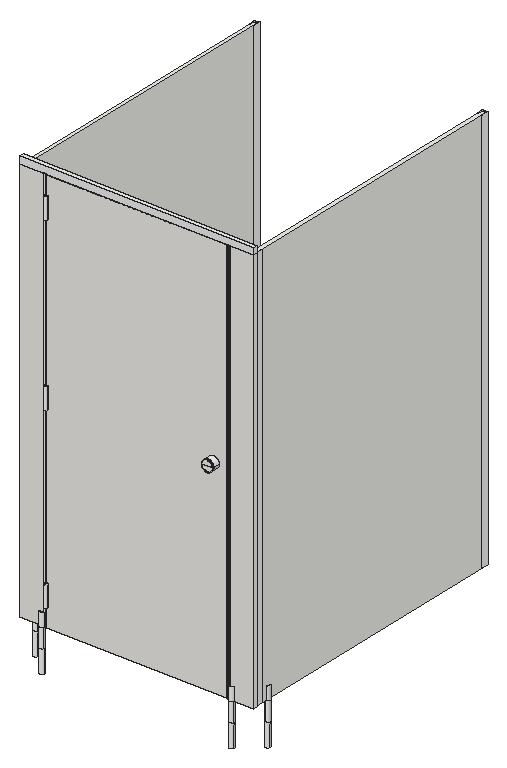
Revit family "Alsanit - Kabiny sanitarne SOLARI - LPW", category Doors, Revit 2020 (continued)
Definition of nested family "front"
  Reference planes
    plane 13: y = 5
    plane 14: z = 1110
    plane 15: x = 469.5
    plane 16: z = 1916.75
    plane 17: z = 1823.25
    plane 18: y = -910
    plane 19: y = 900
  Forms (mm)
    Sweep 1, solid, material <- "Materiał płyt"
      path origin (500, 0, 0) x (-1, 0, 0) y (0, 0, 1)
        loop
          line (500, 188) -> (500, 2000)
      profile origin (0, 0, 1094) x (-1, 0, 0) y (0, -1, 0)
        loop
          line (-450, 0) -> (450, 0) -> (450, 10) -> (-450, 10) -> (-450, 0)
    Revolve 2, solid, material <- "Materiał okuć", detail levels fine
      sketch origin (0, 0, 1110) x (1, 0, 0) y (0, 1, 0)
        loop
          line (393, -10) -> (393, -41) -> (418, -41) -> (418, -10) -> (393, -10)
        loop
          line (393, 14) -> (418, 14) -> (418, 47) -> (393, 47) -> (393, 14)
        axis (393, 47) -> (393, -41)
      angle from 0 to 360
    Revolve 3, solid, material <- "Materiał okuć", visible <- "Drzwi zewnętrzne", detail levels fine
      sketch origin (-489.895, -17, 1200) x (-1, 0, 0) y (0, 0, 1)
        loop
          line (-32.895, -43.25) -> (-39.895, -43.25) -> (-39.895, -136.75) -> (-32.895, -136.75) -> (-32.895, -43.25)
        loop
          line (-32.895, -833.25) -> (-39.895, -833.25) -> (-39.895, -926.75) -> (-32.895, -926.75) -> (-32.895, -833.25)
        loop
          line (-32.895, 716.75) -> (-39.895, 716.75) -> (-39.895, 623.25) -> (-32.895, 623.25) -> (-32.895, 716.75)
        axis (-39.895, 716.75) -> (-39.895, -926.75)
      angle from 0 to 360
    Revolve 4, solid, material <- "Materiał okuć", detail levels fine
      sketch origin (0, 0, 1110) x (1, 0, 0) y (0, 1, 0)
        loop
          line (393, -41) -> (393, -46) -> (417, -46)
          arc (417, -46) -> (418.061, -45.561) -> (418.5, -44.5) r 1.5
          line (418.5, -44.5) -> (418.5, -41) -> (393, -41)
        loop
          line (393, 47) -> (420, 47) -> (420, 52) -> (393, 52) -> (393, 47)
        loop
          line (418, 0) -> (418, 14) -> (393, 14) -> (393, 0) -> (418, 0)
        axis (393, 52) -> (393, -46)
      angle from 0 to 360
    Sweep 5, solid, material <- "Materiał okuć", detail levels fine
      path origin (366, -1524, 1110) x (-1, 0, 0) y (0, -1, 0)
        loop
          line (-84, -1529) -> (-84, -1538)
      profile origin (450, 9.5, 1110) x (-1, 0, 0) y (0, 0, 1)
        loop
          line (48.128, 23.373) -> (-4.314, 8.829)
          arc (-4.314, 8.829) -> (-11.028, 0) -> (-4.314, -8.829) r 9.162
          line (-4.314, -8.829) -> (48.128, -23.373) -> (48.128, 23.373)
    Extrusion 6, solid, material <- "Materiał okuć", detail levels fine
      sketch origin (0, 0, 0) x (1, 0, 0) y (0, 0, 1)
        loop
          line (-9.496, 1752.645) -> (-9.496, 1747.392) -> (9.496, 1747.392) -> (9.496, 1752.645)
          arc (9.496, 1752.645) -> (4.682, 1758.517) -> (5.976, 1765.998) r 9.126
          arc (5.976, 1765.998) -> (0, 1777.33) -> (-5.976, 1765.998) r 7.241
          arc (-5.976, 1765.998) -> (-4.682, 1758.517) -> (-9.496, 1752.645) r 9.126
      from -5 to 0
    Extrusion 7, solid, material <- "Materiał okuć", detail levels fine
      sketch origin (42.235, -68.236, -0.053) x (-0.601815, 0.798636, 0) y (0, 0, -1)
        loop
          arc (104.856, -1759.865) -> (110.41, -1763.768) -> (114.787, -1758.58) r 5.027
          arc (114.787, -1758.58) -> (112.823, -1753.23) -> (108.108, -1750.03) r 9.3
          arc (108.108, -1750.03) -> (100.618, -1748.3) -> (92.979, -1747.445) r 66.588
          line (92.979, -1747.445) -> (85.678, -1747.445) -> (85.678, -1752.715)
          arc (85.678, -1752.715) -> (92.474, -1751.484) -> (99.218, -1752.976) r 17.523
          arc (99.218, -1752.976) -> (102.86, -1755.747) -> (104.856, -1759.865) r 9.85
      from 0 to -7.113
    Extrusion 8, solid, material <- "Materiał okuć", detail levels fine
      sketch origin (-42.235, -68.236, -0.053) x (0.601815, 0.798636, 0) y (0, 0, 1)
        loop
          arc (104.856, 1759.865) -> (102.86, 1755.747) -> (99.218, 1752.976) r 9.85
          arc (99.218, 1752.976) -> (92.474, 1751.484) -> (85.678, 1752.715) r 17.523
          line (85.678, 1752.715) -> (85.678, 1747.445) -> (92.979, 1747.445)
          arc (92.979, 1747.445) -> (100.618, 1748.3) -> (108.108, 1750.03) r 66.588
          arc (108.108, 1750.03) -> (112.823, 1753.23) -> (114.787, 1758.58) r 9.3
          arc (114.787, 1758.58) -> (110.41, 1763.768) -> (104.856, 1759.865) r 5.027
      from 0 to -7.113
    Revolve 9, solid, material <- "Materiał okuć", visible <- "Drzwi wewnętrzne", detail levels fine
      sketch origin (-489.895, 7, 1200) x (-1, 0, 0) y (0, 0, -1)
        loop
          line (-32.895, 43.25) -> (-32.895, 136.75) -> (-39.895, 136.75) -> (-39.895, 43.25) -> (-32.895, 43.25)
        loop
          line (-32.895, 833.25) -> (-32.895, 926.75) -> (-39.895, 926.75) -> (-39.895, 833.25) -> (-32.895, 833.25)
        loop
          line (-32.895, -716.75) -> (-32.895, -623.25) -> (-39.895, -623.25) -> (-39.895, -716.75) -> (-32.895, -716.75)
        axis (-39.895, -716.75) -> (-39.895, 926.75)
      angle from 0 to 360
    Revolve 10, solid, material <- "Materiał okuć", detail levels fine
      sketch origin (0, 0, 1110) x (1, 0, 0) y (0, 1, 0)
        loop
          line (461.5, 0) -> (469.5, 0) -> (469.5, 20) -> (448.5, 20) -> (448.5, 15) -> (463.5, 15) -> (463.5, 5) -> (461.5, 5) -> (461.5, 0)
        axis (469.5, 0) -> (469.5, 20)
      angle from 0 to 360
  Cuts and joins
    joined: Revolve 4, Sweep 5
    joined: Extrusion 6, Extrusion 7, Extrusion 8
  Lines and regions (mm)
    symbolic lines, visible <- "Drzwi zewnętrzne"
      curve 1: line (-450, -10, 0) -> (-450, -910, 0)
      curve 2: line (-450, -10, 0) -> (450, -10, 0)
      curve 3: arc (-450, -910, 0) -> (186.396, -646.396, 0) -> (450, -10, 0) r 900
    symbolic lines, visible <- "Drzwi wewnętrzne"
      curve 4: line (-450, 0, 0) -> (-450, 900, 0)
      curve 5: line (-450, 0, 0) -> (450, 0, 0)
      curve 6: arc (450, 0, 0) -> (186.396, 636.396, 0) -> (-450, 900, 0) r 900
  Dimensions and locks
    "Wysokość dolnej szczeliny": plane 5 to plane 2
    "Wysokość drzwi": plane 6 to plane 2
    "Grubość ścianki": plane 4 to plane 1 "Center (Front/Back)"
    locked: plane 9 to plane 7 at 57
    "Szerokość drzwi": plane 8 to plane 7
    equal spacing: plane 8, plane 3 "Center (Left/Right)", plane 7
    locked: plane 4 to plane 10 at 7
    plane 1 "Center (Front/Back)" to plane 13 to plane 12 = 5.00 mm locked, 9.00 mm locked
    locked: plane 9 to plane 15 at 76.5
    plane 6 to plane 16 to plane 17 = 83.25 mm locked, 93.50 mm locked
    locked: plane 14 to level at 1110
    "Szerokość drzwi": plane 4 to plane 18
    "Szerokość drzwi": plane 1 "Center (Front/Back)" to plane 19
    aligned and locked: level to plane 2
    aligned and locked: plane 6 to Sweep 1 sketch curve
    aligned and locked: plane 3 "Center (Left/Right)" to Sweep 1 sketch curve
    aligned and locked: plane 5 to Sweep 1 sketch curve
    aligned and locked: Sweep 1 sketch curve to plane 8
    aligned and locked: Sweep 1 sketch curve to plane 7
    aligned and locked: plane 8 to Revolve 3 sketch curve  (x2)
    aligned and locked: Sweep 1 sketch curve to plane 4
    aligned and locked: plane 13 to Sweep 5 sketch curve
    aligned and locked: plane 12 to Sweep 5 sketch curve
    aligned and locked: plane 7 to Sweep 5 sketch curve
    aligned and locked: plane 13 to Extrusion 6
    aligned and locked: plane 1 "Center (Front/Back)" to Extrusion 6
    aligned and locked: plane 15 to Revolve 10 sketch curve
    aligned and locked: Revolve 10 sketch curve to plane 15
    aligned and locked: plane 17 to Revolve 3 sketch curve
    aligned and locked: Revolve 3 sketch curve to plane 16
    aligned and locked: plane 8 to curve 1
    aligned and locked: curve 2 to plane 4
    aligned and locked: plane 7 to curve 2
    aligned and locked: plane 18 to curve 1
    aligned and locked: curve 4 to plane 8
    aligned and locked: plane 1 "Center (Front/Back)" to curve 5
    aligned and locked: plane 7 to curve 5
  Automatic sketch dimensions
    Revolve 2 sketch curve to plane 4 = 0.00 mm
    Revolve 2 sketch curve to plane 9 = 0.00 mm  (x3)
    Revolve 2 sketch curve to plane 12 = 0.00 mm
    plane 9 to Revolve 2 sketch curve = 25.00 mm
    Revolve 2 sketch curve to Revolve 2 sketch curve = 0.00 mm
    Revolve 2 sketch curve to plane 10 = 24.00 mm
    Revolve 2 sketch curve to Revolve 2 sketch curve = 33.00 mm
    Revolve 2 sketch curve to Revolve 2 sketch curve = 25.00 mm
    Revolve 2 sketch curve to Revolve 2 sketch curve = 10.00 mm
    plane 8 to Revolve 3 sketch curve = 0.00 mm  (x2)
    Revolve 3 sketch curve to Revolve 3 sketch curve = 7.00 mm  (x3)
    Revolve 3 sketch curve to plane 5 = 85.25 mm
    Revolve 3 sketch curve to Revolve 3 sketch curve = 93.50 mm
    Revolve 3 sketch curve to Revolve 3 sketch curve = 31.50 mm
    Revolve 3 sketch curve to Revolve 3 sketch curve = 20.00 mm
    Sweep 5 sketch curve to profile plane = 0.00 mm
    profile plane to Sweep 5 sketch curve = 4.314 mm  (x2)
    profile plane to Sweep 5 sketch curve = 1.866 mm
    Sweep 5 sketch curve to profile plane = 23.373 mm
    Sweep 5 sketch curve to profile plane = 48.128 mm
    Sweep 5 sketch curve to profile plane = 8.829 mm
    profile plane to Sweep 5 sketch curve = 23.373 mm
    Extrusion 6 sketch curve to plane 3 "Center (Left/Right)" = 0.00 mm
    Extrusion 6 sketch curve to plane 3 "Center (Left/Right)" = 9.496 mm
    Extrusion 6 sketch curve to Extrusion 6 sketch curve = 4.01 mm  (x2)
    plane 3 "Center (Left/Right)" to Extrusion 6 sketch curve = 9.496 mm
    Extrusion 6 sketch curve to plane 6 = 252.608 mm
    Extrusion 6 sketch curve to Extrusion 6 sketch curve = 5.253 mm  (x2)
    Extrusion 6 sketch curve to Extrusion 6 sketch curve = 8.198 mm  (x2)
    Extrusion 6 sketch curve to Extrusion 6 sketch curve = 9.245 mm
    Extrusion 6 sketch curve to Extrusion 6 sketch curve = 0.00 mm
    Extrusion 7 sketch curve to plane 6 = 252.608 mm
    Extrusion 7 sketch curve to Extrusion 7 sketch curve = 3.724 mm
    Extrusion 7 sketch curve to Extrusion 7 sketch curve = 6.458 mm
    Extrusion 7 sketch curve to Extrusion 7 sketch curve = 7.301 mm
    Extrusion 7 sketch curve to Extrusion 7 sketch curve = 3.101 mm
    Extrusion 7 sketch curve to Extrusion 7 sketch curve = 10.258 mm
    Extrusion 7 sketch curve to Extrusion 7 sketch curve = 4.27 mm
    Extrusion 7 sketch curve to Extrusion 7 sketch curve = 5.269 mm
    Extrusion 7 sketch curve to Extrusion 7 sketch curve = 11.338 mm
    Extrusion 7 sketch curve to Extrusion 7 sketch curve = 0.173 mm
    Extrusion 7 sketch curve to Extrusion 7 sketch curve = 3.03 mm
    Extrusion 7 sketch curve to Extrusion 7 sketch curve = 7.018 mm
    Extrusion 7 sketch curve to Extrusion 7 sketch curve = 44.934 mm
    Extrusion 7 sketch curve to Extrusion 7 sketch curve = 0.00 mm  (x3)
    Extrusion 8 sketch curve to plane 6 = 252.608 mm
    Extrusion 8 sketch curve to Extrusion 8 sketch curve = 3.724 mm
    Extrusion 8 sketch curve to Extrusion 8 sketch curve = 6.458 mm
    Extrusion 8 sketch curve to Extrusion 8 sketch curve = 7.301 mm
    Extrusion 8 sketch curve to Extrusion 8 sketch curve = 3.101 mm
    Extrusion 8 sketch curve to Extrusion 8 sketch curve = 10.258 mm
    Extrusion 8 sketch curve to Extrusion 8 sketch curve = 4.27 mm
    Extrusion 8 sketch curve to Extrusion 8 sketch curve = 5.269 mm
    Extrusion 8 sketch curve to Extrusion 8 sketch curve = 11.338 mm
    Extrusion 8 sketch curve to Extrusion 8 sketch curve = 0.173 mm
    Extrusion 8 sketch curve to Extrusion 8 sketch curve = 3.03 mm
    Extrusion 8 sketch curve to Extrusion 8 sketch curve = 7.018 mm
    Extrusion 8 sketch curve to Extrusion 8 sketch curve = 44.934 mm
    Extrusion 8 sketch curve to Extrusion 8 sketch curve = 0.00 mm  (x3)
    plane 8 to Revolve 9 sketch curve = 0.00 mm  (x4)
    Revolve 9 sketch curve to Revolve 9 sketch curve = 7.00 mm  (x3)
    Revolve 9 sketch curve to plane 6 = 83.25 mm
    Revolve 9 sketch curve to Revolve 9 sketch curve = 93.50 mm
    plane 14 to Revolve 9 sketch curve = 46.75 mm
    Revolve 9 sketch curve to plane 14 = 46.75 mm
    Revolve 9 sketch curve to plane 5 = 178.75 mm
    Revolve 9 sketch curve to plane 5 = 85.25 mm
    Revolve 9 sketch curve to Revolve 9 sketch curve = 20.00 mm
    Revolve 9 sketch curve to Revolve 9 sketch curve = 31.50 mm
    plane 14 to Revolve 3 sketch curve = 46.75 mm
    Revolve 3 sketch curve to plane 14 = 46.75 mm
    plane 1 "Center (Front/Back)" to Sweep 1 sketch curve = 0.00 mm
    Revolve 4 sketch curve to plane 9 = 0.00 mm  (x4)
    Revolve 4 sketch curve to plane 12 = 0.00 mm
    plane 1 "Center (Front/Back)" to Revolve 4 sketch curve = 0.00 mm
    plane 9 to Revolve 4 sketch curve = 24.00 mm
    plane 9 to Revolve 4 sketch curve = 25.00 mm
    Revolve 4 sketch curve to Revolve 4 sketch curve = 1.50 mm
    plane 9 to Revolve 4 sketch curve = 27.00 mm
    Revolve 4 sketch curve to plane 10 = 24.00 mm
    Revolve 4 sketch curve to Revolve 4 sketch curve = 3.50 mm
    Revolve 4 sketch curve to Revolve 4 sketch curve = 33.00 mm
    Revolve 4 sketch curve to Revolve 4 sketch curve = 5.00 mm
    Revolve 4 sketch curve to Revolve 4 sketch curve = 20.00 mm
    Revolve 4 sketch curve to Revolve 4 sketch curve = 10.00 mm
    plane 1 "Center (Front/Back)" to Revolve 10 sketch curve = 0.00 mm
    Revolve 10 sketch curve to plane 13 = 0.00 mm
    plane 12 to Revolve 10 sketch curve = 1.00 mm
    plane 15 to Revolve 10 sketch curve = 6.00 mm
    Revolve 10 sketch curve to Revolve 10 sketch curve = 2.00 mm
    Revolve 10 sketch curve to plane 7 = 1.50 mm
    plane 12 to Revolve 10 sketch curve = 6.00 mm
    Revolve 10 sketch curve to plane 12 = 4.00 mm
    Revolve 10 sketch curve to Revolve 10 sketch curve = 15.00 mm
Types (2, lengths in mm): name | Typ nóżek | Typ nózek centralny | Thickness | Nóżka prawa centralna | Nóżka lewa centralna | Nóżka lewa | Nózka prawa | Szerokość zewnętrzna modułu | Prawe odsunięcie osi | Odsunięcie prawej ścianki od osi (min. 60 mm) | Lewe odsunięcie osi | Odsunięcie lewej ścianki od osi (min. 60 mm) | Grubość ścianki
  18 mm | yes | no | 18.00 | no | no | yes | yes | 1042.00 | 12.00 | 102.00 | 12.00 | 102.00 | 18.00
  28 mm | no | yes | 28.00 | yes | yes | no | no | 1062.00 | 17.00 | 107.00 | 17.00 | 107.00 | 28.00
